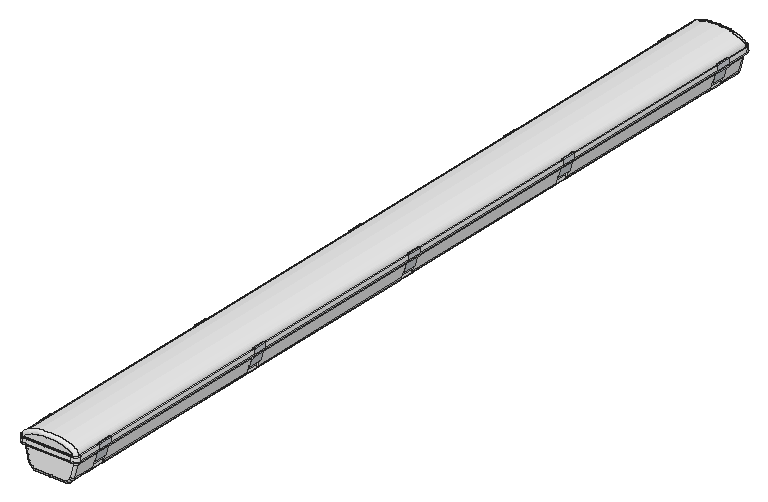
Revit family "0068068", category Lighting Fixtures, host Face, Revit 2017
Family settings
  Host = Face
  Round Connector Dimension = Use Diameter
  Part Type = Normal
  OmniClass Number = 23.80.70.11.14
  OmniClass Title = General Luminaries, Directional
  Cut with Voids When Loaded = No
  Light Source = Yes
  Shared = No
  Room Calculation Point = No
Parameters (values of type "0068068 ST WTRPRF GRP T 1500 IP65 7100LM 840")
  Width = 110 mm
  Weight = "2.64 kg"
  Wattage Comments = "n/a"
  Wattage = 58 W
  WarrantyStartDate [instance] = "n/a"
  WarrantyGuarantorParts = "n/a"
  WarrantyDurationUnit = "n/a"
  WarrantyDurationParts = "n/a"
  WarrantyDescription = "n/a"
  built-in parameter 1150110 = 1 (stored number, unit not read)
  Voltage = 0 V
  URL = "http://www.sylvania-lighting.com"
  TypeName = "START Waterproof GRP Twin 1500 IP65 7100lm 840"
  Type Image = <None>
  Type Comments = "n/a"
  built-in parameter 1114217 = 1 (stored number, unit not read)
  Tilt Angle = -90.00°
  built-in parameter 1150109 = 1 (stored number, unit not read)
  built-in parameter 1150134 = 12
  built-in parameter 1150113 = 1 (stored number, unit not read)
  SerialNumber [instance] = "n/a"
  ReflectorMaterial = none
  PowerFactor = 0.91
  PowerConsumption = "58 W"
  Photometric Web File = "0068068.ies"
  NominalWidth = 0 mm
  NominalLength = 1578 mm
  NominalHeight = 78 mm
  Name = "START Waterproof GRP Twin 1500 IP65 7100lm 840"
  ModelReference = "START Waterproof GRP Twin 1500 IP65 7100lm 840"
  ModelNumber = "0068068"
  Model = "START Waterproof GRP Twin 1500 IP65 7100lm 840"
  Material = "composite material housing, pc polycarbonate diffuser"
  ManufacturerName = "Feilo Sylvania"
  Manufacturer = "Feilo Sylvania"
  LuminousEfficacy = "122 lm/W"
  built-in parameter 1150105 = 563.09 (stored number, unit not read)
  Lumens = 7076 lm
  LuminaireType = ""
  built-in parameter 1150115 = 1 (stored number, unit not read)
  LightOutputRatio = "n/a"
  built-in parameter 1150137 = (empty or 0)
  built-in parameter 1150139 = (empty or 0)
  Length = 1572 mm
  LampsType = Lamp  # "LED"
  LampNominalLuminous = "7050 lm"
  LampMacAdamStep = "n/a"
  LampColourTemperature = "4000 K"
  LampColourRenderingIndex = "80"
  built-in parameter 1150112 = 1 (stored number, unit not read)
  built-in parameter 1150114 = 1 (stored number, unit not read)
  Lamp = "LED"
  Keynote = "16500"
  InstallationDate [instance] = "n/a"
  InputVoltage = "n/a"
  InputNominalFrequency = "n/a"
  built-in parameter 1150132 = (empty or 0)
  built-in parameter 1150102 = (empty or 0)
  built-in parameter 1150107 = 4000 (stored number, unit not read)
  built-in parameter 1150138 = (empty or 0)
  IngressProtection = "IP65"
  ImpactProtectionIndex = "IK08"
  built-in parameter 1150106 = 5.6309 (stored number, unit not read)
  IfcExportType = "IfcLightFixtureType"
  IfcExportAs = "IfcLightFixtureType"
  ExpectedLife = 50000
  Emit from Rectangle Width = Width - 20 mm  # 90 mm
  Emit from Rectangle Length = Length - 20 mm  # 1552 mm
  Emit Shape Visible in Rendering = no
  ElectricShockClassification = "Class I"
  built-in parameter 1150104 = 11.334 (stored number, unit not read)
  DurationUnit = "hours"
  DocumentationLiterature = "http://www.sylvania-lighting.com/product/en-int/products/0068068"
  DimmingControlOptions = "n/a"
  Dimming Lamp Color Temperature Shift = <None>
  DiffuserMaterial = Diffuser-Sylvania-Transparent
  Description = "Start Waterproof, integrated LED weatherproof luminaire, with UV stabilized flat diffuser and linear prisms designed to achieve uniform lit appearance, optimise light output and to reduce glare, stainless steel diffuser clips and fixing brackets for surface mounting. Glass Reinforced Plastic housing for robustness, Polycarbonate diffuser, 7050 lm, 58 W, 122 lm/W, 4000 K, drive current 700 mA, Non dimmable,  CRI80, IP65, IK08, Class I,  nominal average life (h):50000, 1578 mm x 110 mm x 78 mm ,energy class: A++ A+ A, D-mark"
  Default Elevation = 1219.2 mm
  CreatedOn = "10/3/2019"
  CreatedBy = "@sylvania-lighting.com"
  Cost = 0
  Color Filter = 16777215
  built-in parameter 1114216 [instance] = (empty or 0)
  ClassificationValue = "EF_70_80"
  ClassificationName = "Uniclass2015"
  BodyMaterial = Body-Sylvania-Gray
  BarCode [instance] = "n/a"
  built-in parameter 1114218 = 1 (stored number, unit not read)
  built-in parameter 1150133 = 10 (stored number, unit not read)
  AssetType = "Fixed"
  AssetIdentifier [instance] = "n/a"
  Assembly Code = "D5020200"
  Apparent Load = 58 VA
  AccessoryMaterial = Diffuser-Sylvania-Glow
Reference planes
  plane 1 "Center (Front/Back)": y = 0
  plane 2: z = 0
  plane 3 "Center (Left/Right)": x = 0
  plane 4: z = 54
  plane 5: x = -27.7
  plane 6: x = -34.8
  plane 7: x = -39.6
  plane 8: x = -42.2
  plane 9: z = 3
  plane 10: z = 7.8
  plane 11: z = 12.3
  plane 12: z = 36.6
  plane 13: z = 42.8
  plane 14: x = -51.1
  plane 15: z = 46.2
  plane 16: x = -55
  plane 17: y = 786
  plane 18: y = -786
  plane 19: x = 27.7
  plane 20: x = 34.8
  plane 21: x = 39.6
  plane 22: x = 42.2
  plane 23: x = 51.1
  plane 24: x = 55
  plane 25: y = 778.4
  plane 26: y = -778.4
  plane 27: y = -774.7
  plane 28: y = 774.7
  plane 29: z = 74
  plane 30: x = -51.5
  plane 31: x = 51.5
  plane 32: z = 55.2
  plane 33: y = -782.5
  plane 34: y = 782.5
  plane 35: x = -37.5
  plane 36: x = 37.5
  plane 37: x = -48.7
  plane 38: x = 48.7
  plane 39: x = 18
  plane 40: x = -18
  plane 41: z = 50.2
  plane 42: z = 24.6
  plane 43: y = 720
  plane 44: y = 706
  plane 45: y = 734
  plane 46: y = -720
  plane 47: y = 720
  plane 48: y = 706
  plane 49: y = 734
  plane 50: y = -720
  plane 51: y = -734
  plane 52: y = -706
  plane 53: y = 360
  plane 54: y = 346
  plane 55: y = 374
  plane 56: y = 0
  plane 57: y = -14
  plane 58: y = 14
  plane 59: y = -360
  plane 60: y = -374
  plane 61: y = -346
Forms (mm)
  Sweep 1, solid, material "Body-Sylvania-Gray" <- "BodyMaterial", detail levels medium+fine
    path origin (1223.4, -4572, 54) x (0, -1, 0) y (1, 0, 0)
      loop
        arc (-3796, -1278.4) -> (-3788.929, -1275.471) -> (-3786, -1268.4) r 10
        line (-3786, -1268.4) -> (-3786, -1178.4)
        arc (-3786, -1178.4) -> (-3788.929, -1171.329) -> (-3796, -1168.4) r 10
        line (-3796, -1168.4) -> (-5348, -1168.4)
        arc (-5348, -1168.4) -> (-5355.071, -1171.329) -> (-5358, -1178.4) r 10
        line (-5358, -1178.4) -> (-5358, -1268.4)
        arc (-5358, -1268.4) -> (-5355.071, -1275.471) -> (-5348, -1278.4) r 10
        line (-5348, -1278.4) -> (-3796, -1278.4)
    profile origin (-55, 0, 54) x (-1, 0, 0) y (0, 0, 1)
      loop
        line (0, 0) -> (-1, 0) -> (-1, -7.726)
        arc (-1, -7.726) -> (-1.994, -9.498) -> (-3.9, -10.2) r 2.937
        line (-3.9, -10.2) -> (-8.571, -10.2) -> (-8.571, -11.2) -> (-3.9, -11.2)
        arc (-3.9, -11.2) -> (-1.313, -10.231) -> (0, -7.8) r 3.937
        line (0, -7.8) -> (0, 0)
  Sweep 2, solid, material "Body-Sylvania-Gray" <- "BodyMaterial", detail levels medium+fine
    path origin (0, 0, 0) x (1, 0, 0) y (0, 0, 1)
      loop
        line (48.7, 42.8) -> (48.7, 36.6) -> (42.203, 12.31)
        arc (42.203, 12.31) -> (41.199, 9.884) -> (39.6, 7.8) r 10.052
        line (39.6, 7.8) -> (34.8, 3)
        arc (34.8, 3) -> (31.554, 0.781) -> (27.7, 0) r 9.902
        line (27.7, 0) -> (0, 0) -> (-27.7, 0)
        arc (-27.7, 0) -> (-31.554, 0.781) -> (-34.8, 3) r 9.902
        line (-34.8, 3) -> (-39.6, 7.8)
        arc (-39.6, 7.8) -> (-41.199, 9.884) -> (-42.203, 12.31) r 10.052
        line (-42.203, 12.31) -> (-48.7, 36.6) -> (-48.7, 42.8)
    profile origin (0, 0, 0) x (0, 0, -1) y (0, -1, 0)
      loop
        arc (0, 773.4) -> (-1.464, 776.936) -> (-5, 778.4) r 5
        line (-5, 778.4) -> (-7.8, 778.4) -> (-7.8, -778.4) -> (-5, -778.4)
        arc (-5, -778.4) -> (-1.464, -776.936) -> (0, -773.4) r 5
        line (0, -773.4) -> (0, 773.4)
  Extrusion 3, solid, material "Body-Sylvania-Gray" <- "BodyMaterial", detail levels medium+fine
    sketch origin (1524, 778.4, 1219.2) x (1, 0, 0) y (0, 0, 1)
      loop
        arc (-1558.668, -1204.874) -> (-1558.443, -1205.418) -> (-1558.085, -1205.885) r 2.252
        line (-1558.085, -1205.885) -> (-1553.231, -1210.738)
        arc (-1553.231, -1210.738) -> (-1552.534, -1211.227) -> (-1551.7, -1211.4) r 2.102
        line (-1551.7, -1211.4) -> (-1496.3, -1211.4)
        arc (-1496.3, -1211.4) -> (-1495.466, -1211.227) -> (-1494.769, -1210.738) r 2.102
        line (-1494.769, -1210.738) -> (-1489.915, -1205.885)
        arc (-1489.915, -1205.885) -> (-1489.557, -1205.418) -> (-1489.332, -1204.874) r 2.252
        line (-1489.332, -1204.874) -> (-1483.1, -1181.575) -> (-1483.1, -1176.4) -> (-1564.9, -1176.4) -> (-1564.9, -1181.575) -> (-1558.668, -1204.874)
    from 0 to 1556.8
  Sweep 4, solid, material "Diffuser-Sylvania-Transparent" <- "DiffuserMaterial", detail levels medium+fine
    path origin (0, 0, 0) x (1, 0, 0) y (0, 0, 1)
      loop
        spline (-51.5, 55.2) -> (-49.745, 60.066) -> (-44.6, 64.6) -> (-36.416, 68.494) -> (-25.75, 71.481) -> (-13.329, 73.359) -> (0, 74) -> (13.329, 73.359) -> (25.75, 71.481) -> (36.416, 68.494) -> (44.6, 64.6) -> (49.745, 60.066) -> (51.5, 55.2)
    profile origin (51.5, 0, 55.2) x (0, -1, 0) y (1, 0, 0)
      loop
        arc (782.5, -5.5) -> (780.889, -1.611) -> (777, 0) r 5.5
        line (777, 0) -> (-777, 0)
        arc (-777, 0) -> (-780.889, -1.611) -> (-782.5, -5.5) r 5.5
        line (-782.5, -5.5) -> (-782.5, -6.3) -> (-781.5, -6.3) -> (-781.5, -5.5)
        arc (-781.5, -5.5) -> (-780.182, -2.318) -> (-777, -1) r 4.5
        line (-777, -1) -> (777, -1)
        arc (777, -1) -> (780.182, -2.318) -> (781.5, -5.5) r 4.5
        line (781.5, -5.5) -> (781.5, -6.347) -> (782.5, -6.347) -> (782.5, -5.5)
  Extrusion 5, solid, material "Diffuser-Sylvania-Transparent" <- "DiffuserMaterial", detail levels medium+fine
    sketch origin (1524, -782.5, 1219.2) x (1, 0, 0) y (0, 0, 1)
      loop
        line (-1569.653, -1164) -> (-1478.347, -1164)
        spline (-1478.347, -1164) -> (-1478.969, -1162.594) -> (-1482.527, -1159.545) -> (-1489.588, -1156.201) -> (-1499.458, -1153.445) -> (-1511.242, -1151.663) -> (-1524, -1151.049) -> (-1536.758, -1151.663) -> (-1548.542, -1153.445) -> (-1558.412, -1156.201) -> (-1565.473, -1159.545) -> (-1569.031, -1162.594) -> (-1569.653, -1164)
    from 0 to -1
  Extrusion 6, solid, material "Diffuser-Sylvania-Transparent" <- "DiffuserMaterial", detail levels medium+fine
    sketch origin (1524, 782.5, 1219.2) x (1, 0, 0) y (0, 0, 1)
      loop
        spline (-1478.3, -1164) -> (-1478.931, -1162.565) -> (-1482.502, -1159.505) -> (-1489.572, -1156.155) -> (-1499.446, -1153.394) -> (-1511.236, -1151.614) -> (-1524, -1151.007) -> (-1536.764, -1151.614) -> (-1548.554, -1153.394) -> (-1558.428, -1156.155) -> (-1565.498, -1159.505) -> (-1569.069, -1162.565) -> (-1569.7, -1164)
        line (-1569.7, -1164) -> (-1478.3, -1164)
    from 0 to 1
  Extrusion 7, solid, material "Diffuser-Sylvania-Transparent" <- "DiffuserMaterial", detail levels medium+fine
    sketch origin (1223.4, -4572, 55.2) x (0, -1, 0) y (-1, 0, 0)
      loop
        arc (-5353.5, 1177.4) -> (-5352.182, 1174.218) -> (-5349, 1172.9) r 4.5
        line (-5349, 1172.9) -> (-3795, 1172.9)
        arc (-3795, 1172.9) -> (-3791.818, 1174.218) -> (-3790.5, 1177.4) r 4.5
        line (-3790.5, 1177.4) -> (-3790.5, 1269.4)
        arc (-3790.5, 1269.4) -> (-3791.818, 1272.582) -> (-3795, 1273.9) r 4.5
        line (-3795, 1273.9) -> (-5349, 1273.9)
        arc (-5349, 1273.9) -> (-5352.182, 1272.582) -> (-5353.5, 1269.4) r 4.5
        line (-5353.5, 1269.4) -> (-5353.5, 1177.4)
      loop
        line (-5358, 1268.4) -> (-5358, 1178.4)
        arc (-5358, 1178.4) -> (-5355.071, 1171.329) -> (-5348, 1168.4) r 10
        line (-5348, 1168.4) -> (-3796, 1168.4)
        arc (-3796, 1168.4) -> (-3788.929, 1171.329) -> (-3786, 1178.4) r 10
        line (-3786, 1178.4) -> (-3786, 1268.4)
        arc (-3786, 1268.4) -> (-3788.929, 1275.471) -> (-3796, 1278.4) r 10
        line (-3796, 1278.4) -> (-5348, 1278.4)
        arc (-5348, 1278.4) -> (-5355.071, 1275.471) -> (-5358, 1268.4) r 10
    from 0 to 1.2
  Extrusion 8, solid, material "Diffuser-Sylvania-Glow" <- "AccessoryMaterial", detail levels fine
    sketch origin (0, 0, 0) x (1, 0, 0) y (0, 0, 1)
      loop
        circle (-18, 50.2) r 8
      loop
        circle (18, 50.2) r 8
    from -774.7 to 774.7
  Extrusion 9, void
    sketch origin (0, 720, 2343.807) x (0, 0, -1) y (-1, 0, 0)
      loop
        line (2340.807, -37.5) -> (2331.507, -37.5) -> (2319.207, -42.2) -> (2319.207, -48.7) -> (2340.807, -48.7) -> (2340.807, -37.5)
      loop
        line (2340.807, 37.5) -> (2340.807, 48.7) -> (2319.207, 48.7) -> (2319.207, 42.2) -> (2331.507, 37.5) -> (2340.807, 37.5)
    from -14 to 14
  Extrusion 10, solid, material "Body-Sylvania-Gray" <- "BodyMaterial", detail levels coarse
    sketch origin (0, 0, 0) x (1, 0, 0) y (0, 0, 1)
      loop
        line (55, 42.8) -> (55, 55.2) -> (-55, 55.2) -> (-55, 42.791) -> (-42.2, 0) -> (42.2, 0) -> (55, 42.8)
    from -786 to 786
  Extrusion 11, solid, material "Diffuser-Sylvania-Transparent" <- "DiffuserMaterial", detail levels coarse
    sketch origin (0, 0, 0) x (1, 0, 0) y (0, 0, 1)
      loop
        arc (51.5, 55.2) -> (0, 74) -> (-51.5, 55.2) r 79.939
        line (-51.5, 55.2) -> (51.5, 55.2)
    from 778.4 to -778.4
  Extrusion 12, void, not visible
    sketch origin (0, 720, 2343.807) x (0, 0, -1) y (-1, 0, 0)
      loop
        line (2340.807, -37.5) -> (2331.507, -37.5) -> (2319.207, -42.2) -> (2319.207, -48.7) -> (2340.807, -48.7) -> (2340.807, -37.5)
      loop
        line (2340.807, 37.5) -> (2340.807, 48.7) -> (2319.207, 48.7) -> (2319.207, 42.2) -> (2331.507, 37.5) -> (2340.807, 37.5)
    from -14 to 14
  Extrusion 13, void
    sketch origin (0, -720, 2343.807) x (0, 0, -1) y (-1, 0, 0)
      loop
        line (2340.807, -37.5) -> (2331.507, -37.5) -> (2319.207, -42.2) -> (2319.207, -48.7) -> (2340.807, -48.7) -> (2340.807, -37.5)
      loop
        line (2340.807, 37.5) -> (2340.807, 48.7) -> (2319.207, 48.7) -> (2319.207, 42.2) -> (2331.507, 37.5) -> (2340.807, 37.5)
    from -14 to 14
  Extrusion 14, void
    sketch origin (0, 360, 2343.807) x (0, 0, -1) y (-1, 0, 0)
      loop
        line (2340.807, -37.5) -> (2331.507, -37.5) -> (2319.207, -42.2) -> (2319.207, -48.7) -> (2340.807, -48.7) -> (2340.807, -37.5)
      loop
        line (2340.807, 37.5) -> (2340.807, 48.7) -> (2319.207, 48.7) -> (2319.207, 42.2) -> (2331.507, 37.5) -> (2340.807, 37.5)
    from -14 to 14
  Extrusion 15, void
    sketch origin (0, 0, 2343.807) x (0, 0, -1) y (-1, 0, 0)
      loop
        line (2340.807, -37.5) -> (2331.507, -37.5) -> (2319.207, -42.2) -> (2319.207, -48.7) -> (2340.807, -48.7) -> (2340.807, -37.5)
      loop
        line (2340.807, 37.5) -> (2340.807, 48.7) -> (2319.207, 48.7) -> (2319.207, 42.2) -> (2331.507, 37.5) -> (2340.807, 37.5)
    from -14 to 14
  Extrusion 16, void
    sketch origin (0, -360, 2343.807) x (0, 0, -1) y (-1, 0, 0)
      loop
        line (2340.807, -37.5) -> (2331.507, -37.5) -> (2319.207, -42.2) -> (2319.207, -48.7) -> (2340.807, -48.7) -> (2340.807, -37.5)
      loop
        line (2340.807, 37.5) -> (2340.807, 48.7) -> (2319.207, 48.7) -> (2319.207, 42.2) -> (2331.507, 37.5) -> (2340.807, 37.5)
    from -14 to 14
Cuts and joins
  Extrusion 9, Extrusion 13, Extrusion 14, Extrusion 15, Extrusion 16 cuts Sweep 2
  Extrusion 13, Extrusion 14, Extrusion 15, Extrusion 16 cuts Extrusion 3
  joined: Sweep 2, Extrusion 3
  joined: Sweep 4, Extrusion 5, Extrusion 6
Dimensions and locks
  locked: plane 4 to plane 2 at 54
  plane 5 to plane 6 to plane 7 to plane 8 to plane 14 to plane 16 = 7.1 mm locked, 4.8 mm locked, 2.6 mm locked, 8.9 mm, 3.9 mm
  plane 4 to plane 15 to plane 13 to plane 12 to plane 11 to plane 10 to plane 9 = 7.8 mm locked, 3.4 mm, 6.2 mm locked, 24.3 mm locked, 4.5 mm locked, 4.8 mm locked
  equal spacing: plane 18, plane 1 "Center (Front/Back)", plane 17
  "Length": plane 18 to plane 17
  plane 19 to plane 20 to plane 21 to plane 22 to plane 23 to plane 24 = 7.1 mm locked, 4.8 mm locked, 2.6 mm locked, 8.9 mm, 3.9 mm
  equal spacing: plane 24, plane 3 "Center (Left/Right)", plane 16
  "Width": plane 24 to plane 16
  equal spacing: plane 27, plane 1 "Center (Front/Back)", plane 28
  locked: plane 26 to plane 27 at 3.7
  locked: Sweep 1 sketch curve to profile plane at 1
  locked: Sweep 1 sketch curve to plane 13 at 1
  locked: Sweep 1 sketch curve to plane 13 at 3.937  (x2)
  locked: Sweep 1 sketch curve to profile plane at 3.9  (x2)
  locked: plane 29 to plane 4 at 20
  equal spacing: plane 31, plane 3 "Center (Left/Right)", plane 30
  locked: plane 30 to plane 16 at 3.5
  locked: plane 32 to plane 4 at 1.2
  equal spacing: plane 33, plane 1 "Center (Front/Back)", plane 34
  equal spacing: plane 36, plane 3 "Center (Left/Right)", plane 35
  locked: plane 3 "Center (Left/Right)" to plane 35 at 37.5
  locked: plane 34 to plane 17 at 3.5
  equal spacing: plane 38, plane 3 "Center (Left/Right)", plane 37
  locked: plane 37 to plane 16 at 6.3
  equal spacing: plane 25, plane 1 "Center (Front/Back)", plane 26
  locked: plane 17 to plane 25 at 7.6
  locked: Sweep 2 sketch curve to plane 2 at 5  (x2)
  locked: Sweep 2 sketch curve to plane 26 at 5
  locked: plane 25 to Sweep 2 sketch curve at 5
  locked: Sweep 4 sketch curve to plane 31 at 5.5  (x2)
  locked: Sweep 4 sketch curve to plane 34 at 5.5
  plane 33 to Sweep 4 sketch curve = 5.5 mm
  locked: plane 34 to Sweep 4 sketch curve at 1
  locked: Sweep 4 sketch curve to plane 31 at 1
  locked: Sweep 4 sketch curve to Sweep 4 sketch curve at 1
  locked: Sweep 4 sketch curve to plane 31 at 6.347
  locked: Sweep 4 sketch curve to plane 31 at 6.3
  equal spacing: plane 39, plane 3 "Center (Left/Right)", plane 40
  locked: plane 3 "Center (Left/Right)" to plane 40 at 18
  locked: plane 42 to plane 2 at 24.6
  plane 45 to plane 43 to plane 44 = 14 mm locked, 14 mm locked
  locked: plane 17 to plane 43 at 66
  equal spacing: plane 43, plane 1 "Center (Front/Back)", plane 46
  plane 49 to plane 47 to plane 48 = 14 mm locked, 14 mm locked
  plane 52 to plane 50 to plane 51 = 14 mm locked, 14 mm locked  (x2)
  equal spacing: group 1, group 6, group 7, group 8, group 5  (x2)
  equal spacing: group 5, group 8, group 7, group 6, group 1
  plane 55 to plane 53 to plane 54 = 14 mm locked, 14 mm locked  (x2)
  plane 58 to plane 56 to plane 57 = 14 mm locked, 14 mm locked  (x2)
  plane 61 to plane 59 to plane 60 = 14 mm locked, 14 mm locked  (x2)
  plane 43 to plane 53 to plane 1 "Center (Front/Back)" to plane 59 to plane 50 = 360 mm locked, 360 mm locked, 360 mm locked, 360 mm locked
  aligned and locked: plane 2 to host face
  aligned and locked: level to host face
  aligned and locked: plane 16 to Sweep 1 sketch curve
  aligned and locked: Sweep 1 sketch curve to plane 24
  aligned and locked: plane 18 to Sweep 1 sketch curve
  aligned and locked: Sweep 1 sketch curve to plane 13
  aligned and locked: profile plane to Sweep 1 sketch curve
  aligned and locked: plane 3 "Center (Left/Right)" to Sweep 2 sketch curve
  aligned and locked: plane 9 to Sweep 2 sketch curve
  aligned and locked: plane 10 to Sweep 2 sketch curve
  aligned and locked: plane 37 to Sweep 2 sketch curve
  aligned and locked: plane 12 to Sweep 2 sketch curve
  aligned and locked: Sweep 2 sketch curve to level
  aligned and locked: plane 21 to Sweep 2 sketch curve
  aligned and locked: plane 38 to Sweep 2 sketch curve
  aligned and locked: profile plane to Sweep 2 sketch curve
  aligned and locked: plane 25 to Sweep 2 sketch curve
  aligned and locked: Sweep 2 sketch curve to plane 10
  aligned and locked: Extrusion 3 sketch curve to Sweep 2  (x7)
  aligned and locked: Sweep 2 to Extrusion 3 sketch curve
  aligned and locked: Extrusion 3 to plane 25
  aligned and locked: plane 26 to Extrusion 3
  aligned and locked: plane 32 to Sweep 4 sketch curve
  aligned and locked: plane 33 to Sweep 4 sketch curve
  aligned and locked: Sweep 4 to Extrusion 5
  aligned and locked: plane 33 to Extrusion 5
  aligned and locked: Extrusion 5 sketch curve to Sweep 4
  aligned and locked: cut or joined group of Sweep 4, Extrusion 5, Extrusion 6 to Extrusion 6 sketch curve
  aligned and locked: Extrusion 7 sketch curve to cut or joined group of Sweep 4, Extrusion 5, Extrusion 6  (x2)
  aligned and locked: cut or joined group of Sweep 4, Extrusion 5, Extrusion 6 to Extrusion 7 sketch curve  (x2)
  aligned and locked: plane 41 to Extrusion 8 sketch curve  (x2)
  aligned and locked: plane 39 to Extrusion 8 sketch curve
  aligned and locked: plane 27 to Extrusion 8
  aligned and locked: Extrusion 8 to plane 28
  aligned and locked: Extrusion 9 to plane 42
  aligned and locked: plane 9 to Extrusion 9
  aligned and locked: plane 44 to Extrusion 9
  aligned and locked: Extrusion 9 to plane 45
  aligned and locked: Extrusion 7 sketch curve to Sweep 1  (x4)
  aligned and locked: plane 4 to Extrusion 7
  aligned and locked: Extrusion 7 to plane 32
  aligned and locked: nested 2 to plane 43
  aligned and locked: plane 43 to nested 1
  aligned and locked: Extrusion 10 sketch curve to plane 24
  aligned and locked: Extrusion 10 sketch curve to Extrusion 7
  aligned and locked: plane 8 to Extrusion 10 sketch curve
  aligned and locked: plane 22 to Extrusion 10 sketch curve
  aligned and locked: level to Extrusion 10 sketch curve
  aligned and locked: Extrusion 10 to plane 17
  aligned and locked: plane 18 to Extrusion 10
  aligned and locked: cut or joined group of Sweep 4, Extrusion 5, Extrusion 6 to Extrusion 11 sketch curve
  aligned and locked: Extrusion 11 sketch curve to cut or joined group of Sweep 4, Extrusion 5, Extrusion 6  (x2)
  aligned and locked: plane 31 to Extrusion 11 sketch curve
  aligned and locked: plane 30 to Extrusion 11 sketch curve
  aligned and locked: plane 26 to Extrusion 11
  aligned and locked: Extrusion 11 to plane 25
  aligned and locked: imposter light to plane 29
  aligned and locked: plane 3 "Center (Left/Right)" to imposter light
  aligned and locked: plane 1 "Center (Front/Back)" to imposter light
  aligned and locked: plane 51 to Extrusion 13
  aligned and locked: Extrusion 13 to plane 52
  aligned and locked: plane 54 to Extrusion 14
  aligned and locked: Extrusion 14 to plane 55
  aligned and locked: plane 57 to Extrusion 15
  aligned and locked: Extrusion 15 to plane 58
  aligned and locked: plane 60 to Extrusion 16
  aligned and locked: Extrusion 16 to plane 61
  aligned and locked: nested 3 to plane 53
  aligned and locked: plane 53 to nested 10
  aligned and locked: nested 4 to plane 56
  aligned and locked: plane 56 to nested 9
  aligned and locked: nested 5 to plane 59
  aligned and locked: plane 59 to nested 8
  aligned and locked: nested 6 to plane 50
  aligned and locked: plane 50 to nested 7
Automatic sketch dimensions
  host sketch curve to host sketch curve = 2438.4 mm  (x2)
  plane 17 to Sweep 1 sketch curve = 0 mm
  Sweep 1 sketch curve to plane 28 = 1.3 mm
  Sweep 1 sketch curve to plane 7 = 5.4 mm
  plane 27 to Sweep 1 sketch curve = 1.3 mm  (x2)
  Sweep 1 sketch curve to Sweep 1 sketch curve = 4.671 mm
  Sweep 1 sketch curve to plane 4 = 0 mm
  Sweep 2 sketch curve to plane 7 = 0 mm
  Sweep 2 sketch curve to plane 6 = 0 mm
  Sweep 2 sketch curve to plane 5 = 0 mm
  plane 19 to Sweep 2 sketch curve = 0 mm
  Sweep 2 sketch curve to plane 9 = 0 mm
  plane 20 to Sweep 2 sketch curve = 0 mm
  Sweep 2 sketch curve to plane 12 = 0 mm
  Sweep 2 sketch curve to plane 10 = 0 mm
  Sweep 2 sketch curve to plane 13 = 0 mm  (x2)
  Sweep 2 sketch curve to plane 8 = 0.003 mm
  plane 6 to Sweep 2 sketch curve = 2.308 mm
  plane 20 to Sweep 2 sketch curve = 2.308 mm
  Sweep 2 sketch curve to plane 22 = 0.003 mm
  Sweep 2 sketch curve to plane 11 = 0.01 mm  (x2)
  Extrusion 3 sketch curve to plane 5 = 0 mm
  plane 19 to Extrusion 3 sketch curve = 0 mm
  plane 6 to Extrusion 3 sketch curve = 0.132 mm
  plane 6 to Extrusion 3 sketch curve = 0.715 mm
  Extrusion 3 sketch curve to Extrusion 3 sketch curve = 1.592 mm
  Extrusion 3 sketch curve to plane 10 = 0.662 mm  (x2)
  plane 20 to Extrusion 3 sketch curve = 2.308 mm
  plane 20 to Extrusion 3 sketch curve = 0.715 mm
  plane 20 to Extrusion 3 sketch curve = 0.132 mm
  Sweep 4 sketch curve to plane 30 = 0 mm
  Sweep 4 sketch curve to plane 3 "Center (Left/Right)" = 0 mm
  Sweep 4 sketch curve to Sweep 4 sketch curve = 0 mm  (x2)
  plane 37 to Extrusion 5 sketch curve = 3.047 mm
  Extrusion 5 sketch curve to plane 38 = 3.047 mm
  plane 37 to Extrusion 6 sketch curve = 3 mm
  Extrusion 6 sketch curve to plane 38 = 3 mm
  plane 25 to Extrusion 7 sketch curve = 1.4 mm  (x2)
  Extrusion 7 sketch curve to plane 26 = 1.4 mm  (x2)
  Extrusion 8 sketch curve to plane 40 = 0 mm
  Extrusion 9 sketch curve to Extrusion 9 sketch curve = 0 mm
  Extrusion 9 sketch curve to Extrusion 9 sketch curve = 12.3 mm  (x2)
  Extrusion 9 sketch curve to Extrusion 9 sketch curve = 9.3 mm  (x2)
  Extrusion 9 sketch curve to Extrusion 9 sketch curve = 6.5 mm
  Extrusion 9 sketch curve to Extrusion 9 sketch curve = 4.7 mm  (x2)
  Extrusion 9 sketch curve to Extrusion 9 sketch curve = 75 mm
  Extrusion 9 sketch curve to Extrusion 9 sketch curve = 11.2 mm
  Extrusion 10 sketch curve to plane 13 = 0 mm
  plane 13 to Extrusion 10 sketch curve = 0.009 mm
  Extrusion 11 sketch curve to level = 5.939 mm
  Extrusion 10 sketch curve to plane 16 = 0 mm
  Extrusion 12 sketch curve to Extrusion 12 sketch curve = 0 mm
  Extrusion 12 sketch curve to Extrusion 12 sketch curve = 12.3 mm  (x2)
  Extrusion 12 sketch curve to Extrusion 12 sketch curve = 9.3 mm  (x2)
  Extrusion 12 sketch curve to Extrusion 12 sketch curve = 6.5 mm
  Extrusion 12 sketch curve to Extrusion 12 sketch curve = 4.7 mm  (x2)
  Extrusion 12 sketch curve to Extrusion 12 sketch curve = 75 mm
  Extrusion 12 sketch curve to Extrusion 12 sketch curve = 11.2 mm
  Extrusion 13 sketch curve to Extrusion 13 sketch curve = 0 mm
  Extrusion 13 sketch curve to Extrusion 13 sketch curve = 12.3 mm  (x2)
  Extrusion 13 sketch curve to Extrusion 13 sketch curve = 9.3 mm  (x2)
  Extrusion 13 sketch curve to Extrusion 13 sketch curve = 6.5 mm
  Extrusion 13 sketch curve to Extrusion 13 sketch curve = 4.7 mm  (x2)
  Extrusion 13 sketch curve to Extrusion 13 sketch curve = 75 mm
  Extrusion 13 sketch curve to Extrusion 13 sketch curve = 11.2 mm
  Extrusion 14 sketch curve to Extrusion 14 sketch curve = 0 mm
  Extrusion 14 sketch curve to Extrusion 14 sketch curve = 12.3 mm  (x2)
  Extrusion 14 sketch curve to Extrusion 14 sketch curve = 9.3 mm  (x2)
  Extrusion 14 sketch curve to Extrusion 14 sketch curve = 6.5 mm
  Extrusion 14 sketch curve to Extrusion 14 sketch curve = 4.7 mm  (x2)
  Extrusion 14 sketch curve to Extrusion 14 sketch curve = 75 mm
  Extrusion 14 sketch curve to Extrusion 14 sketch curve = 11.2 mm
  Extrusion 15 sketch curve to Extrusion 15 sketch curve = 0 mm
  Extrusion 15 sketch curve to Extrusion 15 sketch curve = 12.3 mm  (x2)
  Extrusion 15 sketch curve to Extrusion 15 sketch curve = 9.3 mm  (x2)
  Extrusion 15 sketch curve to Extrusion 15 sketch curve = 6.5 mm
  Extrusion 15 sketch curve to Extrusion 15 sketch curve = 4.7 mm  (x2)
  Extrusion 15 sketch curve to Extrusion 15 sketch curve = 75 mm
  Extrusion 15 sketch curve to Extrusion 15 sketch curve = 11.2 mm
  Extrusion 16 sketch curve to Extrusion 16 sketch curve = 0 mm
  Extrusion 16 sketch curve to Extrusion 16 sketch curve = 12.3 mm  (x2)
  Extrusion 16 sketch curve to Extrusion 16 sketch curve = 9.3 mm  (x2)
  Extrusion 16 sketch curve to Extrusion 16 sketch curve = 6.5 mm
  Extrusion 16 sketch curve to Extrusion 16 sketch curve = 4.7 mm  (x2)
  Extrusion 16 sketch curve to Extrusion 16 sketch curve = 75 mm
  Extrusion 16 sketch curve to Extrusion 16 sketch curve = 11.2 mm
  radius of Extrusion 8 sketch curve = 8 mm  (x2)
Nested families
  nested 1: "Clip" at (42.2, 720, 24.6), type "Clip", detail levels fine
  nested 2: "Clip" at (-42.2, 720, 24.6) x (-1, 0, 0) z (0, 0, 1), type "Clip", detail levels fine
  nested 3: "Clip" at (-42.2, 360, 24.6) x (-1, 0, 0) z (0, 0, 1), type "Clip", detail levels fine
  nested 4: "Clip" at (-42.2, 0, 24.6) x (-1, 0, 0) z (0, 0, 1), type "Clip", detail levels fine
  nested 5: "Clip" at (-42.2, -360, 24.6) x (-1, 0, 0) z (0, 0, 1), type "Clip", detail levels fine
  nested 6: "Clip" at (-42.2, -720, 24.6) x (-1, 0, 0) z (0, 0, 1), type "Clip", detail levels fine
  nested 7: "Clip" at (42.2, -720, 24.6), type "Clip", detail levels fine
  nested 8: "Clip" at (42.2, -360, 24.6), type "Clip", detail levels fine
  nested 9: "Clip" at (42.2, 0, 24.6), type "Clip", detail levels fine
  nested 10: "Clip" at (42.2, 360, 24.6), type "Clip", detail levels fine
Connectors
  electrical at (0, 0, 0), driven by "Apparent Load"
    settings: index 1, voltage 230 V, apparent load 58 VA, apparent load phase1 0 VA, apparent load phase2 0 VA, apparent load phase3 0 VA, power factor 0, load classification "Lighting", number of poles 1, system type 30, power factor state 1, is connector primary yes, connector utility no, sub classification motor no, connector description ""
Definition of nested family "Clip"
  Parameters (values of type "Clip")
    URL = "http://www.feilosylvania.com"
    Type Comments = "n/a"
    Model = "n/a"
    Manufacturer = "Feilo Sylvania"
    Keynote = "n/a"
    Description = "n/a"
    Default Elevation = 1219.2 mm
    Cost = 0
    BodyMaterial = none
    Assembly Code = "n/a"
  Reference planes
    plane 1 "Center (Front/Back)": y = 0
    plane 2: z = 0
    plane 3 "Center (Left/Right)": x = 0
    plane 4: x = 3.3
    plane 5: x = 6.5
    plane 6: x = 8.9
    plane 7: x = 12.8
    plane 8: z = 12
    plane 9: z = 18.2
    plane 10: z = 21.6
    plane 11: z = 30.6
    plane 12: x = 9.3
    plane 13: z = 19.2
    plane 14: z = 16.2
    plane 15: x = 10.1
    plane 16: y = 12
    plane 17: y = -12
  Forms (mm)
    Extrusion 1, solid
      sketch origin (-0.8, 0, 0) x (1, 0, 0) y (0, 1, 0)
        loop
          line (-1219.2, 1219.2) -> (-1219.2, -1219.2) -> (1219.2, -1219.2) -> (1219.2, 1219.2) -> (-1219.2, 1219.2)
      from 0 to -304.8
    Extrusion 2, solid
      sketch origin (0, 0, 0) x (1, 0, 0) y (0, 0, 1)
        loop
          line (8.9, 16.2) -> (4.58, 0) -> (0, 0) -> (0, -0.8) -> (5.195, -0.8) -> (9.603, 15.731) -> (13.6, 18.806) -> (13.6, 30.6)
          arc (13.6, 30.6) -> (11.45, 32.75) -> (9.3, 30.6) r 2.15
          line (9.3, 30.6) -> (10.1, 30.6)
          arc (10.1, 30.6) -> (11.45, 31.95) -> (12.8, 30.6) r 1.35
          line (12.8, 30.6) -> (12.8, 19.2) -> (8.9, 16.2)
      from -12 to 12
  Lines and regions (mm)
    reference lines
      curve 1: line (3.3, 0, 0) -> (6.5, 0, 12)
      curve 2: arc (8.9, 0, 18.2) -> (11.488, 0, 19.169) -> (12.8, 0, 21.6) r 3.934
  Dimensions and locks
    plane 7 to plane 6 to plane 5 to plane 4 to plane 3 "Center (Left/Right)" = 3.9 mm locked, 2.4 mm locked, 3.2 mm locked, 3.3 mm locked
    plane 11 to plane 10 to plane 9 to plane 8 to plane 2 = 9 mm locked, 3.4 mm locked, 6.2 mm locked, 12 mm locked
    locked: plane 7 to plane 12 at 3.5
    locked: plane 13 to plane 9 at 1
    locked: plane 9 to plane 14 at 2
    locked: plane 15 to plane 12 at 0.8
    locked: plane 2 to Extrusion 2 sketch curve at 0.8
    locked: Extrusion 2 sketch curve to Extrusion 2 sketch curve at 0.8  (x3)
    locked: plane 7 to Extrusion 2 sketch curve at 1.35
    equal spacing: plane 17, plane 1 "Center (Front/Back)", plane 16
    locked: plane 1 "Center (Front/Back)" to plane 16 at 12
    aligned and locked: plane 2 to Extrusion 1
    aligned and locked: level to Extrusion 1
    aligned and locked: plane 4 to curve 1
    aligned and locked: plane 5 to curve 1
    aligned and locked: plane 6 to curve 2
    aligned and locked: plane 10 to curve 2
    aligned and locked: plane 14 to Extrusion 2 sketch curve
    aligned and locked: plane 13 to Extrusion 2 sketch curve
    aligned and locked: plane 7 to Extrusion 2 sketch curve
    aligned and locked: plane 3 "Center (Left/Right)" to Extrusion 2 sketch curve
    aligned and locked: Extrusion 2 sketch curve to level
    aligned and locked: Extrusion 2 sketch curve to plane 11
    aligned and locked: plane 11 to Extrusion 2 sketch curve
    aligned and locked: Extrusion 2 to plane 16
    aligned and locked: plane 17 to Extrusion 2
  Automatic sketch dimensions
    Extrusion 1 sketch curve to Extrusion 1 sketch curve = 2438.4 mm  (x2)
    curve 2 to plane 7 = 0 mm
    curve 1 to level = 0 mm
    curve 1 to plane 8 = 0 mm
    curve 2 to plane 9 = 0 mm
    plane 6 to curve 2 = 0.002 mm
    Extrusion 2 sketch curve to Extrusion 2 sketch curve = 0 mm
    Extrusion 2 sketch curve to plane 6 = 0 mm
    plane 4 to Extrusion 2 sketch curve = 1.28 mm
